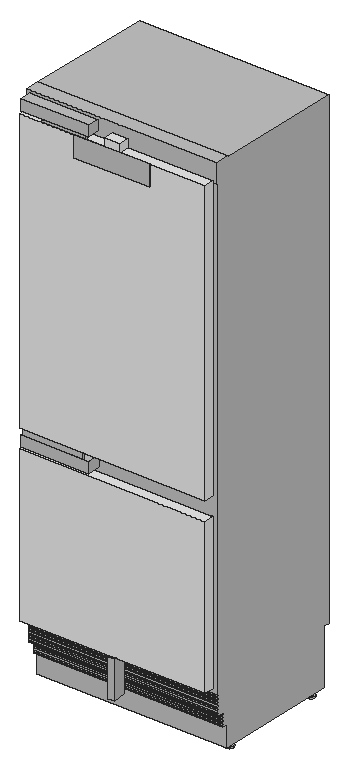
Revit family "FP-Revit18-RS7621WLUK1-FridgeFreezer-0-AS-AU-CN-EU-IE-NZ-SG-UK-90001119A", category Specialty Equipment, Revit 2020 (continued)
Definition of nested family "Handle Contemporary Square - Horizontal"
  Parameters (values of type "AHD3RD7621W - Contemporary square handle (2 of 2) (Horizontal) 646mm")
    Manufacturer = "Fisher & Paykel Appliances"
    Handle - Length = 646 mm
    Default Elevation = 0 mm
  Types (7, lengths in mm): name | Handle - Length
    (no name) | 646
    AHD3RD2484W - Contemporary square handle (2 of 2) (Horizontal) 494mm | 494
    AHD3RD3084W - Contemporary square handle (2 of 2) (Horizontal) 646mm | 646
    AHD3RS3272A - Contemporary square handle (2 of 2) (Horizontal) 646mm | 646
    AHD3RS80A - Contemporary square handle (2 of 2) (Horizontal) 646mm | 646
    AHD3RD6121W - Contemporary square handle (2 of 2) (Horizontal) 494mm | 494
    AHD3RD7621W - Contemporary square handle (2 of 2) (Horizontal) 646mm | 646
  Reference planes
    plane 1 "Center (Front/Back)": y = 0
    plane 2: z = 0
    plane 3 "Center (Left/Right)": x = 0
    plane 4 "Product LHS": x = -323
    plane 5 "Product RHS": x = 323
    plane 6 "LHS Standoff": x = -202.995
    plane 7 "RHS Standoff": x = 203.005
  Forms (mm)
    Extrusion 1, solid, material <- "Material - Handle", detail levels fine
      sketch origin (0, 0, 0) x (0, 1, 0) y (0, 0, 1)
        loop
          arc (-28.701, 7.561) -> (-29.057, 7.868) -> (-29.514, 7.978) r 1
          line (-29.514, 7.978) -> (-40.5, 7.978)
          arc (-40.5, 7.978) -> (-41.561, 7.539) -> (-42, 6.478) r 1.5
          line (-42, 6.478) -> (-42, -6.522)
          arc (-42, -6.522) -> (-41.561, -7.583) -> (-40.5, -8.022) r 1.5
          line (-40.5, -8.022) -> (-29.487, -8.022)
          arc (-29.487, -8.022) -> (-29.029, -7.911) -> (-28.673, -7.602) r 1
          arc (-28.673, -7.602) -> (-26.256, -0.016) -> (-28.701, 7.561) r 13.038
      from -323 to 323
    Extrusion 2, solid, material <- "Material - Handle", detail levels fine
      sketch origin (0, 0, 0) x (0, 1, 0) y (0, 0, 1)
        loop
          arc (-28.23, 7.062) -> (-26.156, 0.008) -> (-28.198, -7.056) r 13.136
          arc (-28.198, -7.056) -> (-28.21, -7.463) -> (-27.86, -7.67) r 0.4
          line (-27.86, -7.67) -> (0, -7.67) -> (0, 7.678) -> (-27.893, 7.678)
          arc (-27.893, 7.678) -> (-28.244, 7.47) -> (-28.23, 7.062) r 0.4
      from 203.005 to 323
    Extrusion 3, solid, material <- "Material - Handle", detail levels fine
      sketch origin (0, 0, 0) x (0, 1, 0) y (0, 0, -1)
        loop
          arc (-28.23, -7.062) -> (-28.244, -7.47) -> (-27.893, -7.678) r 0.4
          line (-27.893, -7.678) -> (0, -7.678) -> (0, 7.67) -> (-27.86, 7.67)
          arc (-27.86, 7.67) -> (-28.21, 7.463) -> (-28.198, 7.056) r 0.4
          arc (-28.198, 7.056) -> (-26.156, -0.008) -> (-28.23, -7.062) r 13.136
      from 202.995 to 323
    Sweep 4, void
      path in 3D
        loop
          line (323, -29.514, 7.978) -> (323, -40.5, 7.978)
          arc (323, -40.5, 7.978) -> (323, -41.561, 7.539) -> (323, -42, 6.478) r 1.5
          line (323, -42, 6.478) -> (323, -42, -6.522)
          arc (323, -42, -6.522) -> (323, -41.561, -7.583) -> (323, -40.5, -8.022) r 1.5
          line (323, -40.5, -8.022) -> (323, -29.487, -8.022)
      profile origin (323, -35.007, 7.978) x (1, 0, 0) y (0, 0, 1)
        loop
          line (0, 0) -> (-1.3, 0) -> (0, -1.3) -> (0, 0)
    Sweep 5, void
      path in 3D
        loop
          line (-323, -29.487, -8.022) -> (-323, -40.5, -8.022)
          arc (-323, -40.5, -8.022) -> (-323, -41.561, -7.583) -> (-323, -42, -6.522) r 1.5
          line (-323, -42, -6.522) -> (-323, -42, 6.478)
          arc (-323, -42, 6.478) -> (-323, -41.561, 7.539) -> (-323, -40.5, 7.978) r 1.5
          line (-323, -40.5, 7.978) -> (-323, -29.514, 7.978)
      profile origin (-323, -35.007, 7.978) x (-1, 0, 0) y (0, 0, 1)
        loop
          line (0, 0) -> (-1.3, 0) -> (0, -1.3) -> (0, 0)
    Extrusion 6, void
      sketch origin (0, 0, 0) x (1, 0, 0) y (0, 0, 1)
        loop
          line (323, 7.978) -> (321.7, 7.978) -> (323, 6.678) -> (323, 7.978)
        loop
          line (323, -8.022) -> (323, -6.722) -> (321.7, -8.022) -> (323, -8.022)
      from 0 to 40
    Extrusion 7, void
      sketch origin (0, 0, 0) x (1, 0, 0) y (0, 0, 1)
        loop
          line (-323, 7.978) -> (-323, 6.678) -> (-321.7, 7.978) -> (-323, 7.978)
        loop
          line (-323, -8.022) -> (-321.7, -8.022) -> (-323, -6.722) -> (-323, -8.022)
      from 0 to 40
    Extrusion 8, solid, material <- "Material - Handle", detail levels coarse+medium
      sketch origin (0, 0, 0) x (1, 0, 0) y (0, 1, 0)
        loop
          line (-323, -42) -> (323, -42) -> (323, 0) -> (203.005, 0) -> (203.005, -26.156) -> (-202.995, -26.156) -> (-202.995, 0) -> (-323, 0) -> (-323, -42)
      from -8.022 to 7.978
  Cuts and joins
    Sweep 4, Sweep 5, Extrusion 6, Extrusion 7 cuts Extrusion 1
    Extrusion 6 cuts Extrusion 2
    Extrusion 7 cuts Extrusion 3
  Lines and regions (mm)
    sketch lines
      curve 1: line (323, -29.514, 7.978) -> (323, -40.5, 7.978)
      curve 2: arc (323, -42, 6.478) -> (323, -41.561, 7.539) -> (323, -40.5, 7.978) r 1.5
      curve 3: line (323, -42, 6.478) -> (323, -42, -6.522)
      curve 4: arc (323, -40.5, -8.022) -> (323, -41.561, -7.583) -> (323, -42, -6.522) r 1.5
      curve 5: line (323, -40.5, -8.022) -> (323, -29.487, -8.022)
      curve 6: line (-323, -40.5, 7.978) -> (-323, -29.514, 7.978)
      curve 7: arc (-323, -40.5, 7.978) -> (-323, -41.561, 7.539) -> (-323, -42, 6.478) r 1.5
      curve 8: line (-323, -42, -6.522) -> (-323, -42, 6.478)
      curve 9: arc (-323, -42, -6.522) -> (-323, -41.561, -7.583) -> (-323, -40.5, -8.022) r 1.5
      curve 10: line (-323, -29.487, -8.022) -> (-323, -40.5, -8.022)
  Dimensions and locks
    equal spacing: plane 4 "Product LHS", plane 3 "Center (Left/Right)", plane 5 "Product RHS"
    "Handle - Length": plane 4 "Product LHS" to plane 5 "Product RHS"
    locked: plane 4 "Product LHS" to plane 6 "LHS Standoff" at 120.005
    locked: plane 7 "RHS Standoff" to plane 5 "Product RHS" at 119.995
    aligned and locked: level to plane 2
    aligned and locked: Extrusion 1 to plane 5 "Product RHS"
    aligned and locked: plane 4 "Product LHS" to Extrusion 1
    aligned and locked: Extrusion 2 to plane 5 "Product RHS"
    aligned and locked: plane 4 "Product LHS" to Extrusion 3
    aligned and locked: plane 4 "Product LHS" to Extrusion 8 sketch curve
    aligned and locked: Extrusion 8 sketch curve to plane 5 "Product RHS"
    aligned and locked: Extrusion 8 sketch curve to plane 7 "RHS Standoff"
    aligned and locked: plane 6 "LHS Standoff" to Extrusion 8 sketch curve
    aligned and locked: Extrusion 2 to plane 7 "RHS Standoff"
    aligned and locked: plane 6 "LHS Standoff" to Extrusion 3
  Automatic sketch dimensions
    Extrusion 1 sketch curve to level = 6.522 mm
    plane 1 "Center (Front/Back)" to Extrusion 1 sketch curve = 42 mm
    Extrusion 1 sketch curve to Extrusion 1 sketch curve = 1.5 mm  (x2)
    Extrusion 1 sketch curve to level = 0.04 mm
    Extrusion 1 sketch curve to Extrusion 1 sketch curve = 1.206 mm
    level to Extrusion 1 sketch curve = 6.978 mm
    Extrusion 1 sketch curve to Extrusion 1 sketch curve = 10.986 mm
    Extrusion 1 sketch curve to Extrusion 1 sketch curve = 11.013 mm
    Extrusion 1 sketch curve to Extrusion 1 sketch curve = 1 mm
    level to Extrusion 1 sketch curve = 6.478 mm
    Extrusion 1 sketch curve to Extrusion 1 sketch curve = 0 mm
    Extrusion 2 sketch curve to plane 1 "Center (Front/Back)" = 0 mm
    Extrusion 2 sketch curve to level = 7.67 mm
    Extrusion 2 sketch curve to Extrusion 2 sketch curve = 27.86 mm
    level to Extrusion 2 sketch curve = 7.678 mm
    Extrusion 2 sketch curve to Extrusion 2 sketch curve = 0.033 mm
    Extrusion 2 sketch curve to level = 0.022 mm
    Extrusion 2 sketch curve to Extrusion 2 sketch curve = 11.398 mm
    Extrusion 2 sketch curve to Extrusion 2 sketch curve = 0.4 mm  (x2)
    Extrusion 2 sketch curve to Extrusion 2 sketch curve = 0 mm
    Extrusion 3 sketch curve to plane 1 "Center (Front/Back)" = 0 mm
    Extrusion 3 sketch curve to level = 7.67 mm
    Extrusion 3 sketch curve to Extrusion 3 sketch curve = 27.86 mm
    level to Extrusion 3 sketch curve = 7.678 mm
    Extrusion 3 sketch curve to Extrusion 3 sketch curve = 0.033 mm
    Extrusion 3 sketch curve to level = 0.022 mm
    Extrusion 3 sketch curve to Extrusion 3 sketch curve = 11.398 mm
    Extrusion 3 sketch curve to Extrusion 3 sketch curve = 0.4 mm  (x2)
    Extrusion 3 sketch curve to Extrusion 3 sketch curve = 0 mm
    profile plane to Sweep 4 sketch curve = 0 mm
    Sweep 4 sketch curve to profile plane = 0 mm
    Sweep 4 sketch curve to profile plane = 1.3 mm
    profile plane to Sweep 4 sketch curve = 1.3 mm
    Sweep 5 sketch curve to profile plane = 0 mm  (x2)
    profile plane to Sweep 5 sketch curve = 1.3 mm
    Sweep 5 sketch curve to profile plane = 1.3 mm
    plane 5 "Product RHS" to Extrusion 6 sketch curve = 0 mm  (x2)
    Extrusion 6 sketch curve to Extrusion 6 sketch curve = 1.3 mm  (x4)
    Extrusion 6 sketch curve to level = 6.722 mm
    level to Extrusion 6 sketch curve = 6.678 mm
    plane 4 "Product LHS" to Extrusion 7 sketch curve = 0 mm  (x2)
    Extrusion 7 sketch curve to plane 4 "Product LHS" = 1.3 mm  (x2)
    Extrusion 7 sketch curve to level = 8.022 mm
    level to Extrusion 7 sketch curve = 6.678 mm
    Extrusion 7 sketch curve to Extrusion 7 sketch curve = 1.3 mm  (x2)
    plane 1 "Center (Front/Back)" to Extrusion 8 sketch curve = 0 mm  (x2)
    Extrusion 8 sketch curve to Extrusion 8 sketch curve = 26.156 mm
    Extrusion 8 sketch curve to Extrusion 8 sketch curve = 42 mm
Definition of nested family "F&P Handle Kit - Contemporary Square Fine - Horizontal"
  Parameters (values of type "AHD5RD2484W - Contemporary square fine handle (2 of 2) (Horizontal) 494mm")
    URL = "www.fisherpaykel.com"
    Material - Handle = none
    Manufacturer = "Fisher & Paykel Appliances"
    Handle - Length = 494 mm
    Default Elevation = 0 mm
  Types (15, lengths in mm): name | Handle - Length
    (no name) | 494
    AHD5RD2484W - Contemporary square fine handle (2 of 2) (Horizontal) 494mm | 494
    AHD5RD2484WB - Contemporary square fine black handle (2 of 2) (Horizontal) 494mm | 494
    AHD5RD3084W - Contemporary square fine handle (2 of 2) (Horizontal) 646mm | 646
    AHD5RD3084WB - Contemporary square fine black handle (2 of 2) (Horizontal) 646mm | 646
    AHD5RD7621W - Contemporary square fine handle (2 of 2) (Horizontal) 646mm | 646
    AHD5RD7621WB - Contemporary square fine handle black (2 of 2) (Horizontal) 646mm | 646
    AHD5RD6121W - Contemporary square fine handle (2 of 2) (Horizontal) 494mm | 494
    AHD5RD6121WB - Contemporary square fine handle black (2 of 2) (Horizontal) 494mm | 494
    AHD5RD36A - Contemporary square fine handle (2 of 2) (Horizontal) 746mm | 746
    AHD5RD36AB - Contemporary square fine black handle (2 of 2) (Horizontal) 746mm | 746
    AHD5RD90A - Contemporary square fine handle (2 of 2) (Horizontal) 746mm | 746
    AHD5RD80A - Contemporary square fine handle (2 of 2) (Horizontal) 646mm | 646
    AHD5RD80AB - Contemporary square fine black handle (2 of 2) (Horizontal) 646mm | 646
    AHD5RD90AB - Contemporary square fine black handle (2 of 2) (Horizontal) 746mm | 746
  Reference planes
    plane 1 "Center (Front/Back)": y = 0
    plane 2: z = 0
    plane 3 "Center (Left/Right)": x = 0
    plane 4 "Product LHS": x = -247
    plane 5 "Product RHS": x = 247
    plane 6 "LHS Standoff": x = -126.995
    plane 7 "RHS Standoff": x = 127.005
  Forms (mm)
    Extrusion 1, solid, material <- "Material - Handle", detail levels fine
      sketch origin (0, 0, 0) x (0, 1, 0) y (0, 0, 1)
        loop
          arc (-26.813, 6.16) -> (-27.196, 6.554) -> (-27.728, 6.686) r 1
          line (-27.728, 6.686) -> (-40.035, 6.256)
          arc (-40.035, 6.256) -> (-40.719, 5.951) -> (-41, 5.257) r 1
          line (-41, 5.257) -> (-41, -5.257)
          arc (-41, -5.257) -> (-40.719, -5.951) -> (-40.035, -6.256) r 1
          line (-40.035, -6.256) -> (-27.709, -6.686)
          arc (-27.709, -6.686) -> (-27.175, -6.554) -> (-26.792, -6.158) r 1
          arc (-26.792, -6.158) -> (-25.256, 0.004) -> (-26.813, 6.16) r 13.038
      from -247 to 247
    Extrusion 2, solid, material <- "Material - Handle", detail levels fine
      sketch origin (0, 0, 0) x (0, 1, 0) y (0, 0, 1)
        loop
          arc (-26.626, -6.008) -> (-26.614, -6.49) -> (-26.2, -6.737) r 0.5
          line (-26.2, -6.737) -> (0, -7.696) -> (0, 7.704) -> (-26.174, 6.747)
          arc (-26.174, 6.747) -> (-26.587, 6.5) -> (-26.6, 6.019) r 0.5
          arc (-26.6, 6.019) -> (-25.156, 0.002) -> (-26.626, -6.008) r 13.136
      from 127.005 to 247
    Extrusion 3, solid, material <- "Material - Handle", detail levels coarse+medium
      sketch origin (0, 0, 0) x (1, 0, 0) y (0, 1, 0)
        loop
          line (-247, -42) -> (247, -42) -> (247, 0) -> (127.005, 0) -> (127.005, -26.156) -> (-126.995, -26.156) -> (-126.995, 0) -> (-247, 0) -> (-247, -42)
      from -8.022 to 7.978
    Extrusion 4, solid, material <- "Material - Handle", detail levels fine
      sketch origin (0, 0, 0) x (0, 1, 0) y (0, 0, 1)
        loop
          arc (-26.626, -6.008) -> (-26.614, -6.49) -> (-26.2, -6.737) r 0.5
          line (-26.2, -6.737) -> (0, -7.696) -> (0, 7.704) -> (-26.174, 6.747)
          arc (-26.174, 6.747) -> (-26.587, 6.5) -> (-26.6, 6.019) r 0.5
          arc (-26.6, 6.019) -> (-25.156, 0.002) -> (-26.626, -6.008) r 13.136
      from -247 to -126.995
  Dimensions and locks
    equal spacing: plane 4 "Product LHS", plane 3 "Center (Left/Right)", plane 5 "Product RHS"
    "Handle - Length": plane 4 "Product LHS" to plane 5 "Product RHS"
    locked: plane 4 "Product LHS" to plane 6 "LHS Standoff" at 120.005
    locked: plane 7 "RHS Standoff" to plane 5 "Product RHS" at 119.995
    aligned and locked: level to plane 2
    aligned and locked: Extrusion 1 to plane 5 "Product RHS"
    aligned and locked: plane 4 "Product LHS" to Extrusion 1
    aligned and locked: Extrusion 2 to plane 5 "Product RHS"
    aligned and locked: plane 4 "Product LHS" to Extrusion 3 sketch curve
    aligned and locked: Extrusion 3 sketch curve to plane 5 "Product RHS"
    aligned and locked: Extrusion 3 sketch curve to plane 7 "RHS Standoff"
    aligned and locked: plane 6 "LHS Standoff" to Extrusion 3 sketch curve
    aligned and locked: plane 4 "Product LHS" to Extrusion 4
    aligned and locked: plane 6 "LHS Standoff" to Extrusion 4
    aligned and locked: Extrusion 2 to plane 7 "RHS Standoff"
  Automatic sketch dimensions
    Extrusion 1 sketch curve to level = 5.257 mm
    plane 1 "Center (Front/Back)" to Extrusion 1 sketch curve = 41 mm
    level to Extrusion 1 sketch curve = 6.256 mm
    Extrusion 1 sketch curve to Extrusion 1 sketch curve = 0.965 mm  (x2)
    Extrusion 1 sketch curve to level = 6.256 mm
    Extrusion 1 sketch curve to Extrusion 1 sketch curve = 0.035 mm  (x3)
    Extrusion 1 sketch curve to level = 0.018 mm
    Extrusion 1 sketch curve to Extrusion 1 sketch curve = 1.706 mm
    level to Extrusion 1 sketch curve = 6.686 mm
    Extrusion 1 sketch curve to Extrusion 1 sketch curve = 12.307 mm
    Extrusion 1 sketch curve to level = 6.686 mm
    Extrusion 1 sketch curve to Extrusion 1 sketch curve = 12.326 mm
    Extrusion 1 sketch curve to Extrusion 1 sketch curve = 0.999 mm  (x2)
    Extrusion 1 sketch curve to Extrusion 1 sketch curve = 0 mm
    Extrusion 2 sketch curve to plane 1 "Center (Front/Back)" = 0 mm
    level to Extrusion 2 sketch curve = 6.247 mm
    plane 1 "Center (Front/Back)" to Extrusion 2 sketch curve = 26.155 mm
    level to Extrusion 2 sketch curve = 6.747 mm
    Extrusion 2 sketch curve to Extrusion 2 sketch curve = 0.018 mm  (x2)
    Extrusion 2 sketch curve to level = 6.238 mm
    Extrusion 2 sketch curve to Extrusion 2 sketch curve = 0.026 mm
    Extrusion 2 sketch curve to level = 6.737 mm
    level to Extrusion 2 sketch curve = 0.03 mm
    Extrusion 2 sketch curve to Extrusion 2 sketch curve = 12.11 mm
    Extrusion 2 sketch curve to level = 7.696 mm
    level to Extrusion 2 sketch curve = 7.704 mm
    Extrusion 2 sketch curve to Extrusion 2 sketch curve = 0 mm
    plane 1 "Center (Front/Back)" to Extrusion 3 sketch curve = 42 mm
    Extrusion 3 sketch curve to Extrusion 3 sketch curve = 15.844 mm
    Extrusion 3 sketch curve to Extrusion 3 sketch curve = 26.156 mm  (x2)
    level to Extrusion 4 sketch curve = 0.03 mm
    plane 1 "Center (Front/Back)" to Extrusion 4 sketch curve = 38.291 mm
    Extrusion 4 sketch curve to level = 6.737 mm
    Extrusion 4 sketch curve to Extrusion 4 sketch curve = 12.091 mm
    Extrusion 4 sketch curve to Extrusion 4 sketch curve = 0.018 mm  (x2)
    level to Extrusion 4 sketch curve = 6.747 mm
    Extrusion 4 sketch curve to Extrusion 4 sketch curve = 0.008 mm
    level to Extrusion 4 sketch curve = 7.704 mm
    Extrusion 4 sketch curve to Extrusion 4 sketch curve = 26.174 mm
    Extrusion 4 sketch curve to level = 7.696 mm
    Extrusion 4 sketch curve to Extrusion 4 sketch curve = 0.5 mm  (x2)
    Extrusion 4 sketch curve to Extrusion 4 sketch curve = 0 mm
Definition of nested family "Visibility Control Note 18"
  Types (3): name
    New
    Resolved
    Active
  Reference planes
    plane 1: y = 0
    plane 2: x = 0
  Text (mm)
    text "Edit Type: \nTo control handle kit \nand door panel visibility\n options\n\nDelete unwanted kits \nto reduce file size" at (-0.165, 35.556, 0)
